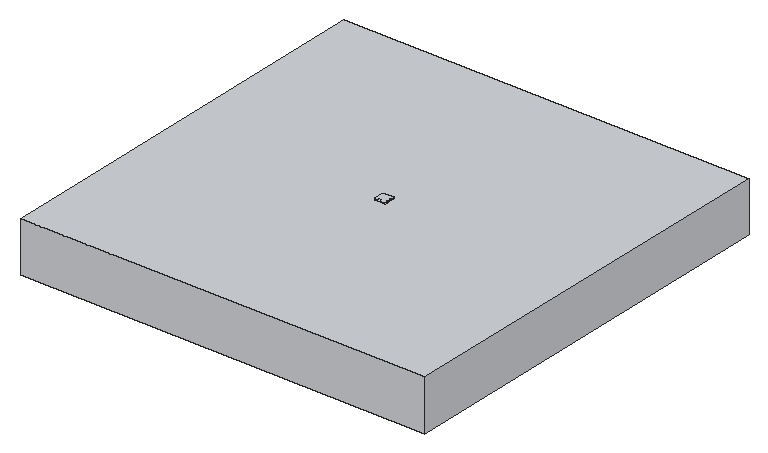
Revit family "Gira_245100", category Allgemeines Modell, Revit 2017
Family settings
  Basisbauteil = Fläche
  Kann Basisbauteil für Bewehrung sein = Nein
  Bemaßung runder Anschluss = Durchmesser verwenden
  Teiletyp = Normal
  Beim Laden mit Abzugskörper schneiden = Nein
  Gemeinsam genutzt = Nein
  Raumberechnungspunkt = Nein
Parameters
  With mounting plate = no
  With memory function = no
  With lighting = no
  With label area = no
  With glass breaking detector connection = no
  With dust cover = no
  With brightness sensor connection = no
  With N-busbar = no
  With LED indication = no
  With Astro program = no
  Wiring system = "Intermediate switch"
  Washing machine switch = no
  Default Elevation = 1219.2 mm
  URL = "https://www.gira.de/"
  Typname = "Add-on mod. built-in speaker Door communication"
  Type of load = "Universal"
  Type of lighting = "Not included"
  Type of fastening = "Screwing"
  Transparent = no
  Through loss at 860 MHz [B] = 0.1
  Through loss at 2150 MHz [B] = 0.1
  Temperature [Kelvin] = "[5:45]"
  Switch-off protection = no
  Surface protection = "Other"
  Surface finishing = "Not applicable"
  Suitable for wire wound low voltage transformer = yes
  Suitable for wind sensor = no
  Suitable for staircase time switch = no
  Suitable for rain sensor = no
  Suitable for fluorescent tube/energy-saving lamp = yes
  Suitable for electronic low voltage transformer = yes
  Suitable for degree of protection (IP) = "IP20"
  Suitable for 230 V incandescent lamp/halogen lamp = yes
  Suitable for = "Outdoor station"
  Substation input = yes
  Shielded housing = no
  Shielded buses = yes
  Serial dimmer = no
  Separate strain relief = no
  Rated current = 10 A
  Random generator = no
  Push button switch = no
  Productwebsite = "http://katalog.gira.de/en/datenblatt.html?artikelnr=125900"
  Output voltage [Volt] = 5
  Other bus systems = "None"
  Operating voltage [Volt] = "[110:240]"
  Only suitable as substation = no
  Number of rockers = 1
  Number of outputs = 2
  Number of modules (module system) = 1
  Number of buttons = 2
  Nominal voltage [Volt] 3 = "[230:230]"
  Nominal voltage [Volt] 2 = "[230:230]"
  Nominal voltage [Volt] = 250
  Mounting method shielding connection = "None"
  Mounting method = "Flush mounted (plaster)"
  Model = "1-pole switch"
  Min. depth of built-in installation box [m] = 0.024
  Method of operation = "Rocker"
  Mechanical controllable = yes
  Mechanical coding = no
  Max. switching power [Voltampere] = 1000
  Max. output current = 1.4 A
  Material quality = "Other"
  Material = "Other"
  Light value memory = no
  Label space/information surface 7 = "No"
  Label space/information surface 6 = "No"
  Label space/information surface 5 = "No"
  Label space/information surface 4 = "No"
  Label space/information surface = no
  Integrated timer = no
  Input for substation = no
  Imprint = "None"
  Illumination = "Yes"
  Hersteller = "Gira"
  Halogen free = no
  HAN = "125900"
  GTIN = "4010337259008"
  Function lighting = "Illuminated (on)"
  Frequency [Hz] = "[50:60]"
  Forced switch off = no
  Feedback-signal contact = no
  Electronic controllable = no
  Electrical and mechanical locking = yes
  Dimming phase cut-on = yes
  Dimming phase cut-off = yes
  Degree of protection (IP) = "IP20"
  Data sheet = "https://katalog.gira.de/en/download.html?artikelnr=125900"
  Contacts = "1 change-over contact"
  Connection type = "Screw"
  Colour coding = no
  Colour = "Other"
  Category = "3"
  Bus system radio frequent = no
  Bus system Powernet = no
  Bus system LON = no
  Bus system KNX radio = no
  Bus system KNX = yes
  Bus connection included = yes
  Beschreibung = "Add-on mod.b-i spk. Door,Add-on module for built-in speaker,,,Features:,- Up to twelve mechanical bell buttons can be connected.,- Additional bell buttons can be connected via additional add-on modules.,- Up to eleven add-on modules can be connected to one built-in speaker.,- Alternating current polling of the bell button connections to prevent oxidation on the button contacts.,- Compact size.,- Securing of connection terminals against incorrect connection.,- Attachment of the add-on module with screws or gluing.,,Notes :,- Module for extending the built-in speaker when more than eight mechanical bell buttons are to be connected.,- This component enables door communication systems with up to 140 audio devices to be set up (e.g. 1 x built-in speaker, 11 x add-on modules for built-in speakers, 136 x surface-mounted home stations)."
  BIM = "https://media.stage.bim.site/public/gira/290f3eb/Einsatz_1fach.rfa"
  Assembly arrangement = "Basic element"
  Applicable with transmission button = no
  Applicable with time switch/timer = no
  Applicable with presence indicator = yes
  Applicable with movement sensor = yes
  Applicable with infrared button = no
  Applicable with button = yes
  App control via Bluetooth = no
Reference planes
  plane 1 "Center (Front/Back)": y = 0
  plane 2: z = 0
  plane 3 "Center (Left/Right)": x = 0
Forms (mm)
  Extrusion 1, solid
    sketch origin (0, 0, 0) x (1, 0, 0) y (0, 1, 0)
      loop
        line (-1219.2, 1219.2) -> (-1219.2, -1219.2) -> (1219.2, -1219.2) -> (1219.2, 1219.2) -> (-1219.2, 1219.2)
    from 0 to -304.8
  Extrusion 2, solid, detail levels fine
    sketch origin (0, 0, 0) x (1, 0, 0) y (0, 1, 0)
      loop
        line (27.475, 35.475) -> (-27.475, 35.475)
        arc (-27.475, 35.475) -> (-33.132, 33.132) -> (-35.475, 27.475) r 8
        line (-35.475, 27.475) -> (-35.475, -27.475)
        arc (-35.475, -27.475) -> (-33.132, -33.132) -> (-27.475, -35.475) r 8
        line (-27.475, -35.475) -> (27.475, -35.475)
        arc (27.475, -35.475) -> (33.132, -33.132) -> (35.475, -27.475) r 8
        line (35.475, -27.475) -> (35.475, 27.475)
        arc (35.475, 27.475) -> (33.132, 33.132) -> (27.475, 35.475) r 8
    from 0 to 1.8
  Extrusion 3, solid, detail levels fine
    sketch origin (0, 0, 0) x (1, 0, 0) y (0, 1, 0)
      loop
        line (9.678, 25.4) -> (-9.678, 25.4)
        arc (-9.678, 25.4) -> (-12.885, 24.922) -> (-15.814, 23.53) r 11
        arc (-15.814, 23.53) -> (-17.795, 22.07) -> (-19.641, 20.444) r 28.35
        arc (-19.641, 20.444) -> (-21.339, 18.665) -> (-22.876, 16.745) r 28.35
        arc (-22.876, 16.745) -> (-24.456, 13.666) -> (-25, 10.248) r 11
        line (-25, 10.248) -> (-25, -10.248)
        arc (-25, -10.248) -> (-24.456, -13.666) -> (-22.876, -16.745) r 11
        arc (-22.876, -16.745) -> (-20.409, -19.677) -> (-17.569, -22.25) r 28.35
        line (-17.569, -22.25) -> (17.569, -22.25)
        arc (17.569, -22.25) -> (20.409, -19.677) -> (22.876, -16.745) r 28.35
        arc (22.876, -16.745) -> (24.456, -13.666) -> (25, -10.248) r 11
        line (25, -10.248) -> (25, 10.248)
        arc (25, 10.248) -> (24.456, 13.666) -> (22.876, 16.745) r 11
        arc (22.876, 16.745) -> (21.593, 18.37) -> (20.195, 19.897) r 28.35
        arc (20.195, 19.897) -> (18.096, 21.823) -> (15.814, 23.53) r 28.35
        arc (15.814, 23.53) -> (12.885, 24.922) -> (9.678, 25.4) r 11
    from 0 to -22
  Extrusion 4, solid, detail levels medium
    sketch origin (0, 0, 0) x (1, 0, 0) y (0, 1, 0)
      loop
        line (-25, 25.4) -> (-25, -22.25) -> (25, -22.25) -> (25, 25.4) -> (-25, 25.4)
    from 0 to -22
  Extrusion 5, solid, detail levels coarse
    sketch origin (0, 0, 0) x (1, 0, 0) y (0, 1, 0)
      loop
        line (35.475, 35.475) -> (-35.475, 35.475) -> (-35.475, -35.475) -> (35.475, -35.475) -> (35.475, 35.475)
    from -22 to 1.8
  Extrusion 6, solid, detail levels medium
    sketch origin (0, 0, 0) x (1, 0, 0) y (0, 1, 0)
      loop
        line (35.475, 35.475) -> (-35.475, 35.475) -> (-35.475, -35.475) -> (35.475, -35.475) -> (35.475, 35.475)
    from 0 to 1.8
Dimensions and locks
  aligned and locked: plane 2 to Extrusion 1
  aligned and locked: level to Extrusion 1
Connectors
  electrical at (0, 0, -22)
    settings: on Extrusion 5, index 1, voltage 220 V, apparent load 0 VA, apparent load phase1 0 VA, apparent load phase2 0 VA, apparent load phase3 0 VA, power factor 1, load classification "Other", number of poles 1, system type 30, power factor state 1, is connector primary yes, connector utility no, sub classification motor no, connector description ""
